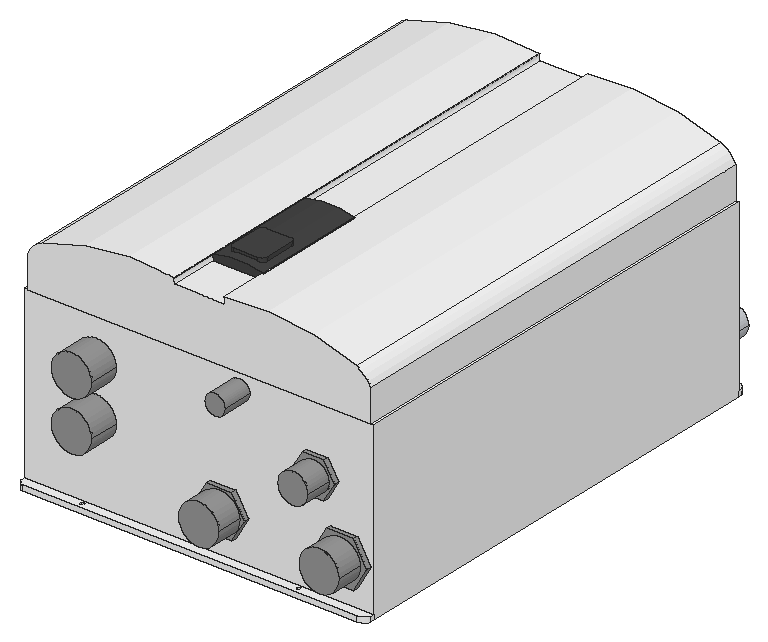
Revit family "Water_Heater-Navien-NHB_Series", category Mechanical Equipment, host Face, Revit 2013
Parameters (values of type "NHB 055")
  Width = 1' - 5"  # constant formula
  Water Pressure = ""
  Voltage = 120 V
  URL = "http://us.navien.com/"
  Recirculation Inlet = 0"
  Propane Gas Supply Pressure = "8.0 in.–13.5 in. WC"  # constant formula
  Product Page URL = "http://us.navien.com/Product/Page1/Details/NHB-55?Category=NHB%20series"
  Product Name = "NHB"
  Product Documentation Link = "http://us.navien.com/__DATA/Product/2014/12/2/Navien%20NHB%20Spec%20Sheet.pdf"
  Power Factor = 1
  Phase = 1
  Operating Weight = 73.00 lbf
  Number of Poles = 1
  Natural Gas Supply Pressure = "3.5 in.–10.5 in. WC"  # constant formula
  Model = "NHB - 055"
  Material = ""
  Manufacturer = "Navien Inc."  # constant formula
  Length = 1' - 0"
  Intake = 0' 3"  # 3"
  Hot Water Outlet = 0' 1"  # 1"
  Height = 2' - 0"  # constant formula
  Heating Capacity = 51000.0 Btu/h
  Gas Inlet = 0' 0 3/4"  # 3/4"
  Frequency = 60 Hz
  Exhaust = 0' 3"  # 3"
  Enclosure = Metal - Navien - White
  Description = "Condensing Gas Boiler (NHB)"  # constant formula
  Default Elevation = 4' - 0"
  Cold Water Inlet = 0' 1"  # 1"
  Apparent Load = 0 VA
Types (5): name | Product Page URL | Operating Weight | Model | Length | Heating Capacity
  (no name) | "http://us.navien.com/Product/Page1/Details/NHB-55?Category=NHB%20series" | 73.00 lbf | "NHB - 055" | 1' - 0" | 51000.0 Btu/h
  NHB 055 | "http://us.navien.com/Product/Page1/Details/NHB-55?Category=NHB%20series" | 73.00 lbf | "NHB - 055" | 1' - 0" | 51000.0 Btu/h
  NHB 080 | "http://us.navien.com/Product/Page1/Details/NHB-80?Category=NHB%20series" | 73.00 lbf | "NHB - 080" | 1' - 0" | 74000.0 Btu/h
  NHB 110 | "http://us.navien.com/Product/Page1/Details/NHB-110?Category=NHB%20series" | 80.00 lbf | "NHB - 110" | 1' - 1" | 102000.0 Btu/h
  NHB 150 | "http://us.navien.com/Product/Page1/Details/NHB-150?Category=NHB%20series" | 80.00 lbf | "NHB - 150" | 1' - 1" | 138000.0 Btu/h
Reference planes (in)
  plane 1 "Center (Front/Back)": y = 0
  plane 2: z = 0
  plane 3 "Center (Left/Right)": x = 0
  plane 4: z = 12.5
  plane 5: z = 0.5
  plane 6: x = 8.65
  plane 7: x = -8.65
  plane 8: x = 2.45
  plane 9: x = -4.15
  plane 10: z = 3.5
  plane 11: z = 3.1
  plane 12: x = 2.45
  plane 13: x = -4.15
  plane 14: z = 3.5
  plane 15: z = 3.1
Lines and regions (in)
  Masking region 1, detail levels coarse
    outline origin (0, 0, 0) x (1, 0, 0) y (0, 0, 1)
      loop
        line (8.65, 12.5) -> (-8.65, 12.5) -> (-8.65, 0.5) -> (8.65, 0.5) -> (8.65, 12.5)
  Masking region 2
    outline origin (0, 0, 0) x (1, 0, 0) y (0, 0, 1)
      loop
        line (8, 0.5) -> (6.5, 0.5) -> (6.5, 0) -> (8, 0) -> (8, 0.5)
      loop
        line (-6.5, 0.5) -> (-8, 0.5) -> (-8, 0) -> (-6.5, 0) -> (-6.5, 0.5)
  Masking region 3
    outline origin (0, 0, 0) x (1, 0, 0) y (0, 0, 1)
      loop
        line (8.65, 0.74736) -> (-8.65, 0.74736) -> (-8.65, 0.5) -> (8.65, 0.5) -> (8.65, 0.74736)
  Masking region 4, detail levels coarse
    outline origin (0, 0, 0) x (1, 0, 0) y (0, 0, 1)
      loop
        line (4.1392, 4.80215) -> (0.7608, 4.80215) -> (0.7608, 1.39785) -> (4.1392, 1.39785) -> (4.1392, 4.80215)
      loop
        line (-2.4608, 5.20215) -> (-5.8392, 5.20215) -> (-5.8392, 1.79785) -> (-2.4608, 1.79785) -> (-2.4608, 5.20215)
  Masking region 5, detail levels medium+fine
    outline origin (0, 0, 0) x (1, 0, 0) y (0, 0, 1)
      loop
        line (4.1392, 4.80215) -> (3.4465, 4.80215)
        arc (3.4465, 4.80215) -> (2.45, 5.07239) -> (1.4535, 4.80215) r 1.97239
        line (1.4535, 4.80215) -> (0.7608, 4.80215) -> (0.7608, 4.1183)
        arc (0.7608, 4.1183) -> (0.47761, 3.1) -> (0.7608, 2.0817) r 1.97239
        line (0.7608, 2.0817) -> (0.7608, 1.39785) -> (1.4535, 1.39785)
        arc (1.4535, 1.39785) -> (2.45, 1.12761) -> (3.4465, 1.39785) r 1.97239
        line (3.4465, 1.39785) -> (4.1392, 1.39785) -> (4.1392, 2.0817)
        arc (4.1392, 2.0817) -> (4.42239, 3.1) -> (4.1392, 4.1183) r 1.97239
        line (4.1392, 4.1183) -> (4.1392, 4.80215)
      loop
        line (-2.4608, 5.20215) -> (-3.1535, 5.20215)
        arc (-3.1535, 5.20215) -> (-4.15, 5.46957) -> (-5.1465, 5.20215) r 1.99034
        line (-5.1465, 5.20215) -> (-5.8392, 5.20215) -> (-5.8392, 4.5183)
        arc (-5.8392, 4.5183) -> (-6.12239, 3.5) -> (-5.8392, 2.4817) r 1.97239
        line (-5.8392, 2.4817) -> (-5.8392, 1.79785) -> (-5.1465, 1.79785)
        arc (-5.1465, 1.79785) -> (-4.15, 1.52761) -> (-3.1535, 1.79785) r 1.97239
        line (-3.1535, 1.79785) -> (-2.4608, 1.79785) -> (-2.4608, 2.4817)
        arc (-2.4608, 2.4817) -> (-2.17761, 3.5) -> (-2.4608, 4.5183) r 1.97239
        line (-2.4608, 4.5183) -> (-2.4608, 5.20215)
  Masking region 6, detail levels medium+fine
    outline origin (0, 0, 0) x (1, 0, 0) y (0, 0, 1)
      loop
        arc (8.5, 10.52009) -> (8.25775, 11.04825) -> (7.79289, 11.39687) r 1.18057
        arc (7.79289, 11.39687) -> (4.77405, 12.2511) -> (1.63714, 12.30589) r 12.18048
        arc (1.63714, 12.30589) -> (1.41953, 12.28058) -> (1.20213, 12.2535) r 26.81513
        arc (1.20213, 12.2535) -> (1.02573, 12.29734) -> (0.84775, 12.3343) r 4.67876
        line (0.84775, 12.3343) -> (0.84775, 12.5) -> (-0.84775, 12.5) -> (-0.84775, 12.33407)
        arc (-0.84775, 12.33407) -> (-1.03563, 12.30062) -> (-1.22119, 12.2561) r 3.21866
        arc (-1.22119, 12.2561) -> (-4.55713, 12.28303) -> (-7.79289, 11.47118) r 13.17473
        arc (-7.79289, 11.47118) -> (-8.22044, 11.19162) -> (-8.5, 10.76407) r 1.24684
        line (-8.5, 10.76407) -> (-8.5, 10.52009) -> (-8.5, 9.16562) -> (8.5, 9.16562) -> (8.5, 10.52009)
  Masking region 7, detail levels medium+fine
    outline origin (0, 0, 0) x (1, 0, 0) y (0, 0, 1)
      loop
        line (8.65, 9.16562) -> (-8.65, 9.16562) -> (-8.65, 0.5) -> (8.65, 0.5) -> (8.65, 9.16562)
  Masking region 8
    outline origin (0, 0, 0) x (1, 0, 0) y (0, 0, 1)
      loop
        line (8.65, 0.74736) -> (-8.65, 0.74736) -> (-8.65, 0.5) -> (8.65, 0.5) -> (8.65, 0.74736)
  Masking region 9, detail levels medium+fine
    outline origin (0, 0, 0) x (1, 0, 0) y (0, 0, 1)
      loop
        line (4.1392, 4.80215) -> (3.4465, 4.80215)
        arc (3.4465, 4.80215) -> (2.45, 5.07239) -> (1.4535, 4.80215) r 1.97239
        line (1.4535, 4.80215) -> (0.7608, 4.80215) -> (0.7608, 4.1183)
        arc (0.7608, 4.1183) -> (0.47761, 3.1) -> (0.7608, 2.0817) r 1.97239
        line (0.7608, 2.0817) -> (0.7608, 1.39785) -> (1.4535, 1.39785)
        arc (1.4535, 1.39785) -> (2.45, 1.12761) -> (3.4465, 1.39785) r 1.97239
        line (3.4465, 1.39785) -> (4.1392, 1.39785) -> (4.1392, 2.0817)
        arc (4.1392, 2.0817) -> (4.42239, 3.1) -> (4.1392, 4.1183) r 1.97239
        line (4.1392, 4.1183) -> (4.1392, 4.80215)
      loop
        line (-2.4608, 5.20215) -> (-3.1535, 5.20215)
        arc (-3.1535, 5.20215) -> (-4.15, 5.46957) -> (-5.1465, 5.20215) r 1.99034
        line (-5.1465, 5.20215) -> (-5.8392, 5.20215) -> (-5.8392, 4.5183)
        arc (-5.8392, 4.5183) -> (-6.12239, 3.5) -> (-5.8392, 2.4817) r 1.97239
        line (-5.8392, 2.4817) -> (-5.8392, 1.79785) -> (-5.1465, 1.79785)
        arc (-5.1465, 1.79785) -> (-4.15, 1.52761) -> (-3.1535, 1.79785) r 1.97239
        line (-3.1535, 1.79785) -> (-2.4608, 1.79785) -> (-2.4608, 2.4817)
        arc (-2.4608, 2.4817) -> (-2.17761, 3.5) -> (-2.4608, 4.5183) r 1.97239
        line (-2.4608, 4.5183) -> (-2.4608, 5.20215)
  Masking region 10
    outline origin (0, 0, 0) x (1, 0, 0) y (0, 0, 1)
      loop
        circle (2.45, 3.1) r 1.34645
      loop
        circle (-4.15, 3.5) r 1.34645
  Masking region 11, detail levels fine
    outline origin (0, 0, 0) x (1, 0, 0) y (0, 0, 1)
      loop
        circle (2.45, 3.1) r 1
      loop
        circle (-4.15, 3.5) r 1
Dimensions and locks (in)
  locked: plane 5 to level at 0.5
  "Length": plane 4 to plane 5
  aligned and locked: plane 2 to host face
  aligned and locked: level to host face
  aligned and locked: plane 3 "Center (Left/Right)" to nested 1
  aligned and locked: nested 1 to level
  aligned and locked: Masking region 1 sketch curve to plane 4
  aligned and locked: plane 5 to Masking region 1 sketch curve
  aligned and locked: Masking region 2 sketch curve to plane 5  (x2)
  aligned and locked: host face to Masking region 2 sketch curve  (x2)
  aligned and locked: plane 6 to nested 1
  aligned and locked: plane 7 to nested 1
  aligned and locked: plane 5 to Masking region 3 sketch curve
  aligned and locked: Masking region 3 sketch curve to plane 6
  aligned and locked: plane 7 to Masking region 3 sketch curve
  aligned and locked: Masking region 4 sketch curve to nested 1  (x8)
  aligned and locked: Masking region 7 sketch curve to plane 6
  aligned and locked: plane 5 to Masking region 7 sketch curve
  aligned and locked: plane 7 to Masking region 7 sketch curve
  aligned and locked: plane 7 to Masking region 8 sketch curve
  aligned and locked: Masking region 8 sketch curve to plane 6
  aligned and locked: plane 5 to Masking region 8 sketch curve
Automatic sketch dimensions
  host sketch curve to host sketch curve = 8' - 0"  (x2)
  Masking region 1 sketch curve to plane 7 = 0' - 0"
  Masking region 1 sketch curve to plane 6 = 0' - 0"
  plane 7 to Masking region 2 sketch curve = 0' - 0.65"
  Masking region 2 sketch curve to Masking region 2 sketch curve = 0' - 1 1/2"
  Masking region 2 sketch curve to plane 6 = 0' - 2.15"
  Masking region 2 sketch curve to plane 6 = 0' - 0.65"
  plane 5 to Masking region 3 sketch curve = 0' - 0.24736"
  Masking region 5 sketch curve to Masking region 5 sketch curve = 0' - 0"  (x20)
  plane 7 to Masking region 5 sketch curve = 0' - 2.8108"
  plane 5 to Masking region 5 sketch curve = 0' - 0.89785"
  Masking region 5 sketch curve to Masking region 5 sketch curve = 0' - 0.6927"  (x8)
  Masking region 5 sketch curve to Masking region 5 sketch curve = 0' - 1.99299"  (x4)
  plane 3 "Center (Left/Right)" to Masking region 5 sketch curve = 0' - 0.7608"  (x2)
  Masking region 5 sketch curve to Masking region 5 sketch curve = 0' - 1.6892"
  Masking region 5 sketch curve to Masking region 5 sketch curve = 0' - 0.9965"
  plane 5 to Masking region 5 sketch curve = 0' - 1.29785"
  Masking region 5 sketch curve to Masking region 5 sketch curve = 0' - 0.68385"  (x6)
  Masking region 5 sketch curve to Masking region 5 sketch curve = 0' - 2.0366"  (x2)
  Masking region 5 sketch curve to Masking region 5 sketch curve = 0' - 0.02077"
  Masking region 7 sketch curve to plane 4 = 0' - 3.33438"
  plane 5 to Masking region 8 sketch curve = 0' - 0.24736"
  Masking region 9 sketch curve to Masking region 9 sketch curve = 0' - 0"  (x20)
  plane 7 to Masking region 9 sketch curve = 0' - 2.8108"
  plane 5 to Masking region 9 sketch curve = 0' - 0.89785"
  Masking region 9 sketch curve to Masking region 9 sketch curve = 0' - 0.6927"  (x8)
  Masking region 9 sketch curve to Masking region 9 sketch curve = 0' - 1.99299"  (x4)
  plane 3 "Center (Left/Right)" to Masking region 9 sketch curve = 0' - 0.7608"  (x2)
  Masking region 9 sketch curve to Masking region 9 sketch curve = 0' - 1.6892"
  Masking region 9 sketch curve to Masking region 9 sketch curve = 0' - 0.9965"
  plane 5 to Masking region 9 sketch curve = 0' - 1.29785"
  Masking region 9 sketch curve to Masking region 9 sketch curve = 0' - 0.68385"  (x6)
  Masking region 9 sketch curve to Masking region 9 sketch curve = 0' - 2.0366"  (x2)
  Masking region 9 sketch curve to Masking region 9 sketch curve = 0' - 0.02077"
  plane 13 to Masking region 11 sketch curve = 0' - 0"
  plane 12 to Masking region 11 sketch curve = 0' - 0"
  Masking region 11 sketch curve to plane 15 = 0' - 0"
  Masking region 11 sketch curve to plane 14 = 0' - 0"
  plane 9 to Masking region 10 sketch curve = 0' - 0"
  plane 8 to Masking region 10 sketch curve = 0' - 0"
  Masking region 10 sketch curve to plane 11 = 0' - 0"
  Masking region 10 sketch curve to plane 10 = 0' - 0"
  Masking region 6 sketch curve to plane 4 = 0' - 0"
  Masking region 6 sketch curve to plane 6 = 0' - 0.15"
  Masking region 6 sketch curve to plane 4 = 0' - 3.33438"
  Masking region 6 sketch curve to plane 4 = 0' - 0.16593"
  Masking region 6 sketch curve to plane 3 "Center (Left/Right)" = 0' - 0.84775"
  Masking region 6 sketch curve to plane 4 = 0' - 0.1657"
  plane 3 "Center (Left/Right)" to Masking region 6 sketch curve = 0' - 0.84775"
  plane 7 to Masking region 6 sketch curve = 0' - 0.15"
  plane 7 to Masking region 6 sketch curve = 0' - 0.85711"
  Masking region 6 sketch curve to Masking region 6 sketch curve = 0' - 0"  (x2)
  Masking region 6 sketch curve to Masking region 6 sketch curve = 0' - 1.16121"  (x2)
  Masking region 6 sketch curve to level = 0' - 0.79872"
  Masking region 6 sketch curve to plane 3 "Center (Left/Right)" = 0' - 2.99465"
  Masking region 6 sketch curve to plane 4 = 0' - 0.2439"
  Masking region 6 sketch curve to Masking region 6 sketch curve = 0' - 0.37344"
  Masking region 6 sketch curve to plane 3 "Center (Left/Right)" = 0' - 0.37778"
  Masking region 6 sketch curve to plane 3 "Center (Left/Right)" = 0' - 0.01439"
  Masking region 6 sketch curve to plane 4 = 0' - 0.2465"
  Masking region 6 sketch curve to Masking region 6 sketch curve = 0' - 0.35438"
  Masking region 6 sketch curve to plane 4 = 0' - 0.19411"
  Masking region 6 sketch curve to Masking region 6 sketch curve = 0' - 0.43501"
  level to Masking region 6 sketch curve = 0' - 0.20128"
  plane 3 "Center (Left/Right)" to Masking region 6 sketch curve = 0' - 2.99465"
  Masking region 6 sketch curve to plane 6 = 0' - 0.85711"
  Masking region 6 sketch curve to Masking region 6 sketch curve = 0' - 0.87678"
  Masking region 6 sketch curve to Masking region 6 sketch curve = 0' - 0.24398"
  radius of Masking region 11 sketch curve = 0' - 1"  (x2)
  radius of Masking region 10 sketch curve = 0' - 1.34645"  (x2)
Nested families (in)
  nested 1: "Navien_NHB_Series_01" at (0, -11.8, 6.5) x (1, 0, 0) z (0, 1, 0), type "Navien_NHB_Series_01"
Connectors (in)
  hvac at (-4.15, 13.41443, 3.5)
    settings: on nested 1, index 1, duct flow 0 CFM, flow factor 0, pres drop 0.00 in-wg, loss coef 0, conn angle 0.00°, conn width 12", conn height 12", conn radius 1", duct sys type 4, conn prof type 0, flow config 0, flow direction 1, loss method 0, conn ref index -1, conn util no, is conn primary yes, conn desc "Air Intake"
  hvac at (2.45, 13.41443, 3.1)
    settings: on nested 1, index 2, duct flow 0 CFM, flow factor 0, pres drop 0.00 in-wg, loss coef 0, conn angle 0.00°, conn width 12", conn height 12", conn radius 1", duct sys type 3, conn prof type 0, flow config 0, flow direction 2, loss method 0, conn ref index -1, conn util no, is conn primary no, conn desc "Exhaust Gas Vent"
  hvac at (7.25, 12.73107, 2.8)
    settings: on nested 1, index 3, duct flow 0 CFM, flow factor 0, pres drop 0.00 in-wg, loss coef 0, conn angle 0.00°, conn width 12", conn height 12", conn radius 3/8", duct sys type 3, conn prof type 0, flow config 0, flow direction 0, loss method 0, conn ref index -1, conn util no, is conn primary no, conn desc "Air Vent Connection"
  piping at (7.15, -12.8, 2.8)
    settings: on nested 1, index 4, connector radius 1/2", flow factor 0, pipe flow 0 GPM, pressure drop 0.00 psi, fitting loss kfactor 0, connector angle 0.00°, fixture units 0, engagement length 0' - 0", flow configuration 0, flow direction 0, fitting loss method 0, system type 19, joint type 0, gender type 0, connector reference index -1, connector utility 0, adjustable connector no, is connector primary yes, fitting loss table "", connector description "Space Heating Supply"
  piping at (1.1676, -12.8, 2.78307)
    settings: on nested 1, index 5, connector radius 1/2", flow factor 0, pipe flow 0 GPM, pressure drop 0.00 psi, fitting loss kfactor 0, connector angle 0.00°, fixture units 0, engagement length 0' - 0", flow configuration 0, flow direction 1, fitting loss method 0, system type 19, joint type 0, gender type 0, connector reference index -1, connector utility 0, adjustable connector no, is connector primary no, fitting loss table "", connector description "Space Heating Return"
  piping at (5.8392, -12.8, 6.01465)
    settings: on nested 1, index 6, connector radius 3/8", flow factor 0, pipe flow 0 GPM, pressure drop 0.00 psi, fitting loss kfactor 0, connector angle 0.00°, fixture units 0, engagement length 0' - 0", flow configuration 0, flow direction 1, fitting loss method 0, system type 22, joint type 0, gender type 0, connector reference index -1, connector utility 0, adjustable connector no, is connector primary no, fitting loss table "", connector description "Gas Connection"
  piping at (1.98204, -12.8, 8.38532)
    settings: on nested 1, index 7, connector radius 1/4", flow factor 0, pipe flow 0 GPM, pressure drop 0.00 psi, fitting loss kfactor 0, connector angle 0.00°, fixture units 0, engagement length 0' - 0", flow configuration 0, flow direction 2, fitting loss method 0, system type 16, joint type 0, gender type 0, connector reference index -1, connector utility 0, adjustable connector no, is connector primary no, fitting loss table "", connector description "Condensate Outlet"
  piping at (-5.15045, -12.8, 7.19711)
    settings: on nested 1, index 8, connector radius 1/2", flow factor 0, pipe flow 0 GPM, pressure drop 0.00 psi, fitting loss kfactor 0, connector angle 0.00°, fixture units 0, engagement length 0' - 0", flow configuration 0, flow direction 1, fitting loss method 0, system type 20, joint type 0, gender type 0, connector reference index -1, connector utility 0, adjustable connector no, is connector primary no, fitting loss table "", connector description "Domestic Cold Water Inlet"
  electrical at (0, 0, 0.5), driven by "Number of Poles", driven by "Voltage", driven by "Power Factor", driven by "Apparent Load"
    settings: on nested 1, index 9, voltage 120 V, apparent load 0 VA, apparent load phase1 0 VA, apparent load phase2 0 VA, apparent load phase3 0 VA, power factor 1, load classification "Other", number of poles 1, system type 31, power factor state 1, is connector primary yes, connector utility no, sub classification motor no, connector description "Power Connector"
Definition of nested family "Navien_NHB_Series_01"
  Parameters (values of type "Navien_NHB_Series_01")
    Width [instance] = 1' - 5.3"
    URL = "\"http://us.navien.com/\""
    Product Page URL = "http://us.navien.com/Product/Page1/Details/NHB-55?Category=NHB%20series"
    Product Name = "NHB - 055"  # constant formula
    Product Documentation Link = "http://us.navien.com/__DATA/Product/2014/12/2/Navien%20NHB%20Spec%20Sheet.pdf"
    Model = "NHB"
    Material = ""
    Manufacturer = "Navien"  # constant formula
    Height = 1' - 11.6"
    Enclosure = Metal - Navien - White
    Description = "Condesning Gas Boiler (NHB)"  # constant formula
    Depth = 1' - 0"
    Default Elevation = 4' - 0"
  Reference planes (in)
    plane 1 "Center (Front/Back)": y = 0
    plane 2: z = 0
    plane 3 "Center (Left/Right)": x = 0
    plane 4: y = 6
    plane 5: y = -6
    plane 6: x = -8.65
    plane 7: x = 8.65
    plane 8: z = 0.5
    plane 9: x = -8.5
    plane 10: x = 8.5
    plane 11: z = 23.356
    plane 12: x = 8.5608
    plane 13: z = 23.6
    plane 14: z = 0.994
    plane 15: x = 8.65
    plane 16: z = 23.1
    plane 17: y = 6.5
    plane 18: z = -1
    plane 19: x = 1.1676
    plane 20: x = 7.1676
  Forms (in)
    Extrusion 1, solid, material "Metal - Navien - White" <- "Enclosure", detail levels medium+fine
      sketch origin (0, 0, 0) x (1, 0, 0) y (0, 1, 0)
        loop
          line (-8.65, 6) -> (-8.65, -2.66562) -> (8.65, -2.66562) -> (8.65, 6) -> (-8.65, 6)
      from 0.5 to 23.1
    Extrusion 2, solid, material "Metal - Navien - White" <- "Enclosure", detail levels medium+fine
      sketch origin (0, 0, 0) x (1, 0, 0) y (0, 1, 0)
        loop
          line (-8.5, -2.66562) -> (-8.5, -4.26407)
          arc (-8.5, -4.26407) -> (-8.22044, -4.69162) -> (-7.79289, -4.97118) r 1.24684
          arc (-7.79289, -4.97118) -> (-4.55713, -5.78303) -> (-1.22119, -5.7561) r 13.17473
          line (-1.22119, -5.7561) -> (-1.26449, -5.74432)
          arc (-1.26449, -5.74432) -> (-1.26538, -5.59705) -> (-1.21435, -5.45891) r 0.41136
          line (-1.21435, -5.45891) -> (1.21579, -5.45891)
          arc (1.21579, -5.45891) -> (1.26522, -5.59273) -> (1.26582, -5.73538) r 0.41004
          line (1.26582, -5.73538) -> (1.20213, -5.7535)
          arc (1.20213, -5.7535) -> (4.54758, -5.78417) -> (7.79289, -4.97118) r 13.17473
          arc (7.79289, -4.97118) -> (8.22044, -4.69162) -> (8.5, -4.26407) r 1.24684
          line (8.5, -4.26407) -> (8.5, -2.66562) -> (-8.5, -2.66562)
      from 0.5 to 23.1
    Extrusion 3, solid, material "Metal - Navien - White" <- "Enclosure", detail levels medium+fine
      sketch origin (-0.0892, 0, -0.7) x (1, 0, 0) y (0, 0, 1)
        loop
          line (-8.5608, 23.8) -> (8.7392, 23.8) -> (8.7392, 24.01868)
          arc (8.7392, 24.01868) -> (8.55703, 24.23223) -> (8.28792, 24.312) r 0.49382
          line (8.28792, 24.312) -> (-8.26748, 24.312)
          arc (-8.26748, 24.312) -> (-8.47489, 24.22609) -> (-8.5608, 24.01868) r 0.29332
          line (-8.5608, 24.01868) -> (-8.5608, 23.8)
        loop
          circle (-5.58298, 24.056) r 0.04032
        loop
          circle (5.10942, 24.056) r 0.08594
      from -6 to -5.75264
    Extrusion 4, solid, material "Metal - Navien - White" <- "Enclosure"
      sketch origin (0, 0, 25.05) x (1, 0, 0) y (0, 0, 1)
        loop
          line (-8.65, -24.55) -> (-8.65, -24.75668)
          arc (-8.65, -24.75668) -> (-8.56409, -24.96409) -> (-8.35668, -25.05) r 0.29332
          line (-8.35668, -25.05) -> (8.22306, -25.05)
          arc (8.22306, -25.05) -> (8.48206, -24.9696) -> (8.65, -24.75668) r 0.45737
          line (8.65, -24.75668) -> (8.65, -24.55) -> (-8.65, -24.55)
        loop
          circle (-5.62758, -24.794) r 0.08492
        loop
          circle (5.10942, -24.794) r 0.08594
      from -5.75264 to -6
    Extrusion 5, solid, material "Metal - Navien - White" <- "Enclosure", detail levels coarse
      sketch origin (0, 0, 0) x (1, 0, 0) y (0, 0, 1)
        loop
          line (-8.65, 23.6) -> (-8.65, 23.1) -> (8.65, 23.1) -> (8.65, 23.6) -> (-8.65, 23.6)
      from -6 to -5.75264
    Extrusion 6, solid, material "Metal - Navien - White" <- "Enclosure", detail levels coarse
      sketch origin (0, 0, 0) x (1, 0, 0) y (0, 0, 1)
        loop
          line (-8.65, 0.5) -> (-8.65, 0) -> (8.65, 0) -> (8.65, 0.5) -> (-8.65, 0.5)
      from -6 to -5.75264
    Extrusion 7, solid, material "Metal - Navien - White" <- "Enclosure", detail levels coarse
      sketch origin (0, 0, 0) x (1, 0, 0) y (0, 1, 0)
        loop
          line (-8.65, 6) -> (-8.65, -6) -> (8.65, -6) -> (8.65, 6) -> (-8.65, 6)
      from 0.5 to 23.1
    Extrusion 8, solid, material "Metal - Navien - Aluminum"
      sketch origin (0, 0, 0) x (-1, 0, 0) y (0, -1, 0)
        loop
          circle (5.15045, -1.80289) r 1
        loop
          circle (5.15045, 0.69711) r 1
      from -1 to 0.5
    Extrusion 9, solid, material "Metal - Navien - Aluminum"
      sketch origin (0, 0, 0) x (-1, 0, 0) y (0, -1, 0)
        loop
          circle (-7.15, -3.7) r 1
        loop
          circle (-1.1676, -3.71693) r 1
      from 0.5 to -1
    Extrusion 10, solid, material "Metal - Navien - Aluminum"
      sketch origin (0, 0, 0) x (-1, 0, 0) y (0, -1, 0)
        loop
          line (-5.8392, -3.71693) -> (-6.5034, -2.5665) -> (-7.8318, -2.5665) -> (-8.496, -3.71693) -> (-7.8318, -4.86736) -> (-6.5034, -4.86736) -> (-5.8392, -3.71693)
        loop
          line (-0.5426, -4.79946) -> (0.0824, -3.71693) -> (-0.5426, -2.6344) -> (-1.7926, -2.6344) -> (-2.4176, -3.71693) -> (-1.7926, -4.79946) -> (-0.5426, -4.79946)
      from 0.25645 to 0.5
    Extrusion 11, solid, material "Metal - Navien - Aluminum"
      sketch origin (0, 0, 0) x (-1, 0, 0) y (0, -1, 0)
        loop
          circle (-5.8392, -0.48535) r 0.75
      from -1 to 0.5
    Extrusion 12, solid, material "Metal - Navien - Aluminum"
      sketch origin (0, 0, 0) x (-1, 0, 0) y (0, -1, 0)
        loop
          line (-6.3679, 0.41574) -> (-6.8966, -0.5) -> (-6.3679, -1.41574) -> (-5.31049, -1.41574) -> (-4.78179, -0.5) -> (-5.31049, 0.41574) -> (-6.3679, 0.41574)
      from 0.25645 to 0.5
    Extrusion 13, solid, material "Metal - Navien - Aluminum"
      sketch origin (0, 0, 0) x (-1, 0, 0) y (0, -1, 0)
        loop
          circle (-1.98204, 1.88532) r 0.5
      from -1 to 0.5
    Extrusion 14, solid
      sketch origin (0, 0, 0) x (1, 0, 0) y (0, 0, 1)
        loop
          line (-8, 20.02358) -> (-8, 3.57642) -> (-6.5, 3.57642) -> (-6.5, 20.02358) -> (-8, 20.02358)
        loop
          line (6.5, 3.57642) -> (8, 3.57642) -> (8, 20.02358) -> (6.5, 20.02358) -> (6.5, 3.57642)
      from -6.5 to -6
    Extrusion 15, solid, material "Plastic - Navien - Black", detail levels medium+fine
      sketch origin (0, 0, 0) x (1, 0, 0) y (0, 1, 0)
        loop
          arc (-1.26449, -5.74432) -> (0.0012, -5.91439) -> (1.26573, -5.73589) r 4.67876
          arc (1.26573, -5.73589) -> (1.26527, -5.59298) -> (1.21579, -5.45891) r 0.41004
          line (1.21579, -5.45891) -> (-1.21435, -5.45891)
          arc (-1.21435, -5.45891) -> (-1.26538, -5.59705) -> (-1.26449, -5.74432) r 0.41136
      from 2.87141 to 8.56824
    Extrusion 16, solid, material "Plastic - Navien - Black", detail levels medium+fine
      sketch origin (0, 0, 0) x (1, 0, 0) y (0, 0, 1)
        loop
          line (-0.84775, 5.15946) -> (-0.84775, 3.64312)
          arc (-0.84775, 3.64312) -> (-0.77453, 3.46634) -> (-0.59775, 3.39312) r 0.25
          line (-0.59775, 3.39312) -> (0.59775, 3.39312)
          arc (0.59775, 3.39312) -> (0.77453, 3.46634) -> (0.84775, 3.64312) r 0.25
          line (0.84775, 3.64312) -> (0.84775, 5.15946)
          arc (0.84775, 5.15946) -> (0.77453, 5.33624) -> (0.59775, 5.40946) r 0.25
          line (0.59775, 5.40946) -> (-0.59775, 5.40946)
          arc (-0.59775, 5.40946) -> (-0.77453, 5.33624) -> (-0.84775, 5.15946) r 0.25
      from 5.83407 to 6
  Dimensions and locks (in)
    plane 6 to plane 3 "Center (Left/Right)" to plane 7 = 0' - 8.65" locked, 0' - 8.65" locked
    locked: plane 6 to nested 1 at 4.5
    locked: nested 1 to nested 2 at 6.6
    locked: nested 2 to plane 4 at 2.6
    locked: plane 6 to nested 3 at 15.9
    locked: nested 3 to plane 4 at 2.3
    Extrusion 3 sketch curve to plane 11 to Extrusion 2 = 0' - 0.256", 0' - 0.256"
    locked: Extrusion 3 sketch curve to Extrusion 3 sketch curve at 0.256  (x2)
    Extrusion 3 sketch curve to Extrusion 2 = 0' - 0.17006"
    Extrusion 3 sketch curve to Extrusion 3 sketch curve = 0' - 3.54384"
    Extrusion 3 sketch curve to Extrusion 2 = 0' - 0.21568"
    locked: Extrusion 3 sketch curve to Extrusion 3 sketch curve at 2.9375
    locked: Extrusion 2 sketch curve to Extrusion 1 at 3.21039  (x2)
    locked: Extrusion 2 sketch curve to plane 10 at 5.50535
    locked: Extrusion 1 to Extrusion 2 sketch curve at 9.96434
    locked: Extrusion 2 sketch curve to Extrusion 2 sketch curve at 5.50535
    locked: plane 6 to plane 9 at 0.15
    locked: plane 10 to plane 7 at 0.15
    locked: Extrusion 3 to Extrusion 3 at 0.24736
    "Height": plane 13 to level
    Extrusion 4 sketch curve to plane 14 = 0' - 0.994"
    locked: Extrusion 4 sketch curve to Extrusion 4 sketch curve at 0.256  (x2)
    Extrusion 4 sketch curve to Extrusion 4 sketch curve = 0' - 3.45464"
    locked: Extrusion 4 sketch curve to Extrusion 4 sketch curve at 2.9375
    locked: plane 13 to plane 16 at 0.5
    locked: plane 8 to level at 0.5
    plane 17 to Extrusion 1 = 0' - 0 1/2"
    locked: level to plane 18 at 1
    "Depth": plane 4 to plane 5
    plane 7 to plane 6 = 1' - 5.3"
    equal spacing: plane 4, plane 1 "Center (Front/Back)", plane 5
    plane 17 to plane 4 = 0' - 0 1/2"
    locked: Extrusion 4 to Extrusion 4 at 0.24736
    locked: nested 1 to plane 4 at 3
    plane 4 to Extrusion 5 = 0' - 0.24736"
    locked: plane 4 to Extrusion 5 at 0.24736
    locked: plane 4 to Extrusion 6 at 0.24736
    locked: plane 4 to Extrusion 9 sketch curve at 1.3
    locked: plane 4 to Extrusion 10 at 1.20054
    locked: plane 4 to Extrusion 9 sketch curve at 2.3
    locked: plane 4 to Extrusion 9 sketch curve at 2.28307
    locked: Extrusion 9 sketch curve to plane 7 at 0.5
    locked: Extrusion 9 sketch curve to plane 7 at 6.4824
    locked: Extrusion 11 sketch curve to plane 7 at 2.8108
    locked: plane 4 to Extrusion 11 sketch curve at 4.76465
    locked: plane 4 to Extrusion 11 sketch curve at 5.51465
    locked: plane 4 to Extrusion 13 sketch curve at 7.38532
    locked: Extrusion 13 sketch curve to plane 7 at 6.16796
    locked: Extrusion 13 sketch curve to plane 7 at 6.66796
    locked: plane 4 to Extrusion 8 sketch curve at 3.19711
    locked: plane 6 to Extrusion 8 sketch curve at 2.49955  (x2)
    locked: plane 6 to Extrusion 8 sketch curve at 3.49955  (x2)
    locked: plane 4 to Extrusion 8 sketch curve at 5.69711
    Extrusion 12 sketch curve to Extrusion 12 sketch curve to plane 7 = 0' - 2.11481" locked, 0' - 1.7534" locked
    plane 4 to Extrusion 10 sketch curve to Extrusion 10 sketch curve to Extrusion 10 sketch curve to Extrusion 10 sketch curve = 0' - 1.13264" locked, 0' - 1.15043" locked, 0' - 0" locked, 0' - 1.15043" locked
    plane 4 to Extrusion 12 sketch curve to Extrusion 12 sketch curve to Extrusion 12 sketch curve to Extrusion 12 sketch curve = 0' - 4.58426" locked, 0' - 0.91574" locked, 0' - 0" locked, 0' - 0.91574" locked
    aligned and locked: plane 2 to level
    aligned and locked: Extrusion 1 to plane 8
    aligned and locked: Extrusion 1 to plane 6
    aligned and locked: plane 7 to Extrusion 1
    aligned and locked: Extrusion 2 to nested 1
    aligned and locked: Extrusion 2 to plane 10
    aligned and locked: plane 9 to Extrusion 2
    aligned and locked: Extrusion 2 sketch curve to Extrusion 1
    aligned and locked: Extrusion 2 to plane 8
    aligned and locked: Extrusion 1 to Extrusion 2
    aligned and locked: plane 8 to Extrusion 4
    aligned and locked: Extrusion 4 to level
    aligned and locked: plane 16 to Extrusion 3
    aligned and locked: Extrusion 1 to nested 1
    aligned and locked: Extrusion 3 to plane 6
    aligned and locked: plane 4 to Extrusion 4
    aligned and locked: plane 6 to Extrusion 5 sketch curve
    aligned and locked: Extrusion 5 sketch curve to plane 7
    aligned and locked: plane 13 to Extrusion 5 sketch curve
    aligned and locked: Extrusion 5 sketch curve to plane 16
    aligned and locked: plane 4 to Extrusion 5
    aligned and locked: plane 4 to Extrusion 1
    aligned and locked: Extrusion 3 to plane 4
    aligned and locked: Extrusion 6 sketch curve to plane 8
    aligned and locked: level to Extrusion 6 sketch curve
    aligned and locked: plane 6 to Extrusion 6 sketch curve
    aligned and locked: Extrusion 6 sketch curve to plane 7
    aligned and locked: plane 4 to Extrusion 6
    aligned and locked: plane 6 to Extrusion 7 sketch curve
    aligned and locked: Extrusion 7 sketch curve to plane 7
    aligned and locked: plane 5 to Extrusion 7 sketch curve
    aligned and locked: plane 4 to Extrusion 7
    aligned and locked: Extrusion 7 to plane 16
    aligned and locked: Extrusion 7 to plane 8
    aligned and locked: Extrusion 12 to Extrusion 10
    aligned and locked: Extrusion 13 to Extrusion 8
    aligned and locked: Extrusion 9 to Extrusion 8
    aligned and locked: Extrusion 11 to Extrusion 8
    aligned and locked: plane 17 to Extrusion 14
    aligned and locked: Extrusion 14 to plane 4
    aligned and locked: plane 7 to Extrusion 3
  Automatic sketch dimensions
    Extrusion 1 sketch curve to plane 6 = 0' - 0"
    Extrusion 1 sketch curve to plane 4 = 0' - 0"
    Extrusion 1 sketch curve to plane 7 = 0' - 0"
    plane 1 "Center (Front/Back)" to Extrusion 1 sketch curve = 0' - 2.66562"
    Extrusion 3 sketch curve to plane 6 = 0' - 0"
    Extrusion 3 sketch curve to plane 12 = 0' - 0.0892"
    Extrusion 3 sketch curve to plane 16 = 0' - 0"
    Extrusion 3 sketch curve to plane 9 = 0' - 0.14332"
    plane 10 to Extrusion 3 sketch curve = 0' - 0.30128"
    Extrusion 3 sketch curve to plane 11 = 0' - 0.03732"
    Extrusion 4 sketch curve to plane 6 = 0' - 0"
    Extrusion 4 sketch curve to plane 7 = 0' - 0"
    Extrusion 4 sketch curve to plane 8 = 0' - 0"
    plane 9 to Extrusion 4 sketch curve = 0' - 0.14332"
    Extrusion 4 sketch curve to plane 10 = 0' - 0.27694"
    Extrusion 4 sketch curve to Extrusion 4 sketch curve = 0' - 2.7291"
    Extrusion 4 sketch curve to Extrusion 4 sketch curve = 0' - 3.11364"
    Extrusion 4 sketch curve to Extrusion 4 sketch curve = 0' - 0.20668"
    Extrusion 7 sketch curve to plane 4 = 0' - 0"
    plane 3 "Center (Left/Right)" to Extrusion 9 sketch curve = 0' - 1.1676"
    plane 10 to Extrusion 10 sketch curve = 0' - 0.004"
    plane 3 "Center (Left/Right)" to Extrusion 10 sketch curve = 0' - 0.5426"  (x2)
    Extrusion 10 sketch curve to plane 4 = 0' - 1.20054"
    Extrusion 10 sketch curve to plane 20 = 0' - 0.6642"  (x2)
    plane 20 to Extrusion 10 sketch curve = 0' - 0.6642"  (x2)
    plane 20 to Extrusion 10 sketch curve = 0' - 1.3284"
    Extrusion 10 sketch curve to plane 19 = 0' - 1 1/4"
    Extrusion 10 sketch curve to plane 19 = 0' - 0 5/8"  (x2)
    Extrusion 10 sketch curve to plane 3 "Center (Left/Right)" = 0' - 0.0824"
    Extrusion 10 sketch curve to Extrusion 10 sketch curve = 0' - 1.08253"  (x3)
    plane 10 to Extrusion 12 sketch curve = 0' - 2.1321"
    Extrusion 12 sketch curve to Extrusion 12 sketch curve = 0' - 0.5287"  (x2)
    Extrusion 12 sketch curve to Extrusion 12 sketch curve = 0' - 1.05741"
    Extrusion 14 sketch curve to plane 9 = 0' - 0 1/2"
    plane 8 to Extrusion 14 sketch curve = 0' - 3.07642"  (x2)
    Extrusion 14 sketch curve to Extrusion 14 sketch curve = 0' - 1 1/2"
    plane 10 to Extrusion 14 sketch curve = 0' - 2"
    plane 10 to Extrusion 14 sketch curve = 0' - 0 1/2"
    plane 16 to Extrusion 14 sketch curve = 0' - 3.07642"  (x2)
    Extrusion 15 sketch curve to plane 3 "Center (Left/Right)" = 0' - 0.01439"
    plane 5 to Extrusion 15 sketch curve = 0' - 0.33176"
    Extrusion 15 sketch curve to plane 3 "Center (Left/Right)" = 0' - 0.86023"
    Extrusion 15 sketch curve to Extrusion 15 sketch curve = 0' - 0.35412"
    plane 5 to Extrusion 15 sketch curve = 0' - 0.25568"
    Extrusion 15 sketch curve to Extrusion 15 sketch curve = 0' - 0.05014"
    plane 5 to Extrusion 15 sketch curve = 0' - 0.33425"
    Extrusion 15 sketch curve to Extrusion 15 sketch curve = 0' - 0.35405"
    plane 5 to Extrusion 15 sketch curve = 0' - 0.26411"
    plane 1 "Center (Front/Back)" to Extrusion 15 sketch curve = 0' - 1.23565"
    Extrusion 16 sketch curve to plane 3 "Center (Left/Right)" = 0' - 0.84775"
    Extrusion 16 sketch curve to plane 3 "Center (Left/Right)" = 0' - 0.59775"
    plane 8 to Extrusion 16 sketch curve = 0' - 2.89312"
    plane 3 "Center (Left/Right)" to Extrusion 16 sketch curve = 0' - 0.59775"
    Extrusion 16 sketch curve to Extrusion 16 sketch curve = 0' - 0 1/4"  (x2)
    Extrusion 16 sketch curve to Extrusion 16 sketch curve = 0' - 1.51634"
    Extrusion 16 sketch curve to Extrusion 16 sketch curve = 0' - 0"
    Extrusion 2 sketch curve to plane 9 = 0' - 0"
    Extrusion 2 sketch curve to plane 10 = 0' - 0"
    plane 5 to Extrusion 2 sketch curve = 0' - 0.2439"
    plane 5 to Extrusion 2 sketch curve = 0' - 0.25568"
    Extrusion 2 sketch curve to plane 3 "Center (Left/Right)" = 0' - 1.26449"
    Extrusion 2 sketch curve to Extrusion 2 sketch curve = 0' - 0.0433"
    Extrusion 2 sketch curve to Extrusion 2 sketch curve = 0' - 0.05014"
    plane 5 to Extrusion 2 sketch curve = 0' - 0.54109"
    plane 3 "Center (Left/Right)" to Extrusion 2 sketch curve = 0' - 1.21579"
    Extrusion 2 sketch curve to plane 9 = 0' - 0.70711"
    Extrusion 2 sketch curve to Extrusion 2 sketch curve = 0' - 0"  (x2)
    Extrusion 2 sketch curve to Extrusion 2 sketch curve = 0' - 1.16121"
    plane 5 to Extrusion 2 sketch curve = 0' - 0.33176"
    Extrusion 2 sketch curve to Extrusion 2 sketch curve = 0' - 0.35405"
    plane 5 to Extrusion 2 sketch curve = 0' - 0.2465"
    Extrusion 2 sketch curve to Extrusion 2 sketch curve = 0' - 0.06369"
    plane 5 to Extrusion 2 sketch curve = 0' - 0.26462"
    plane 10 to Extrusion 2 sketch curve = 0' - 1.16121"
    plane 10 to Extrusion 2 sketch curve = 0' - 0.70711"
  Nested families (in)
    nested 1: "Intake_AIRExhaust_01" at (-4.15, 3, 23.1), type "Intake_AIRExhaust_01"
    nested 2: "Intake_AIRExhaust_01" at (2.45, 3.4, 23.1), type "Intake_AIRExhaust_01"
    nested 3: "Navien_Air_Vent_Connection_01" at (7.25, 3.7, 23.1), type "Navien_Air_Vent_Connection_01"
  Definition of nested family "Intake_AIRExhaust_01"
    Parameters (values of type "Intake_AIRExhaust_01")
      Material = Metal - Navien - Aluminum
    Reference planes (in)
      plane 1 "Center (Front/Back)": y = 0
      plane 2: z = 0
      plane 3 "Center (Left/Right)": x = 0
      plane 4: y = 3
      plane 5: z = -28.8
      plane 6: z = 1.43851
      plane 7: y = -1.70215
      plane 8: y = 1.70215
      plane 9: x = -1.6892
      plane 10: x = 1.6892
      plane 11: z = 0.34785
      plane 12: x = -1.46602
      plane 13: x = 1.46602
      plane 14: y = -1.45577
      plane 15: y = 1.45577
      plane 16: z = 2.18613
    Forms (in)
      Extrusion 1, solid, material "Metal - Navien - Aluminum" <- "Material", detail levels fine
        sketch origin (0, 0, 0) x (1, 0, 0) y (0, 1, 0)
          loop
            arc (0.9965, 1.70215) -> (0.51624, 1.90363) -> (0, 1.97239) r 1.97239
            arc (0, 1.97239) -> (-0.51624, 1.90363) -> (-0.9965, 1.70215) r 1.97239
            line (-0.9965, 1.70215) -> (-1.43788, 1.70215)
            arc (-1.43788, 1.70215) -> (-1.60414, 1.64015) -> (-1.6892, 1.48443) r 0.25391
            line (-1.6892, 1.48443) -> (-1.6892, 1.0183)
            arc (-1.6892, 1.0183) -> (-1.90027, 0.52847) -> (-1.97239, 0) r 1.97239
            arc (-1.97239, 0) -> (-1.90027, -0.52847) -> (-1.6892, -1.0183) r 1.97239
            line (-1.6892, -1.0183) -> (-1.6892, -1.48443)
            arc (-1.6892, -1.48443) -> (-1.60414, -1.64015) -> (-1.43788, -1.70215) r 0.25391
            line (-1.43788, -1.70215) -> (-0.9965, -1.70215)
            arc (-0.9965, -1.70215) -> (-0.51624, -1.90363) -> (0, -1.97239) r 1.97239
            arc (0, -1.97239) -> (0.51624, -1.90363) -> (0.9965, -1.70215) r 1.97239
            line (0.9965, -1.70215) -> (1.43788, -1.70215)
            arc (1.43788, -1.70215) -> (1.60414, -1.64015) -> (1.6892, -1.48443) r 0.25391
            line (1.6892, -1.48443) -> (1.6892, -1.0183)
            arc (1.6892, -1.0183) -> (1.90027, -0.52847) -> (1.97239, 0) r 1.97239
            arc (1.97239, 0) -> (1.90027, 0.52847) -> (1.6892, 1.0183) r 1.97239
            line (1.6892, 1.0183) -> (1.6892, 1.48443)
            arc (1.6892, 1.48443) -> (1.60414, 1.64015) -> (1.43788, 1.70215) r 0.25391
            line (1.43788, 1.70215) -> (0.9965, 1.70215)
        from 0 to 0.34785
      Extrusion 2, solid, material "Metal - Navien - Aluminum" <- "Material", detail levels medium+fine
        sketch origin (0, 0, 0) x (1, 0, 0) y (0, 0, 1)
          loop
            line (-1.25, 1.43851) -> (-1.57327, 1.43851) -> (-1.97024, 0.34785) -> (-1.25, 0.34785) -> (-1.25, 1.43851)
        from -0.0824 to 0.06448
      Extrusion 3, solid, material "Metal - Navien - Aluminum" <- "Material", detail levels medium+fine
        sketch origin (0, 0, 0) x (-1, 0, 0) y (0, 0, -1)
          loop
            line (-1.25, -1.43851) -> (-1.25, -0.34785) -> (-1.97024, -0.34785) -> (-1.57327, -1.43851) -> (-1.25, -1.43851)
        from -0.0824 to 0.06448
      Extrusion 4, solid, material "Metal - Navien - Aluminum" <- "Material", detail levels medium+fine
        sketch origin (-0.01835, 0.01025, 0) x (0, 1, 0) y (0, 0, 1)
          loop
            line (-1.21602, 1.43851) -> (-1.58098, 1.43851) -> (-1.97795, 0.34785) -> (-1.21602, 0.34785) -> (-1.21602, 1.43851)
        from -0.06791 to 0.09876
      Extrusion 5, solid, material "Metal - Navien - Aluminum" <- "Material", detail levels medium+fine
        sketch origin (-0.01835, -0.01025, 0) x (0, -1, 0) y (0, 0, -1)
          loop
            line (-1.30448, -1.43851) -> (-1.30448, -0.34785) -> (-1.97795, -0.34785) -> (-1.58098, -1.43851) -> (-1.30448, -1.43851)
        from -0.06791 to 0.09876
      Extrusion 6, solid, material "Metal - Navien - Aluminum" <- "Material", detail levels fine
        sketch origin (0, 0, 0) x (1, 0, 0) y (0, 1, 0)
          loop
            circle (0, 0) r 1.34645
          loop
            circle (0, 0) r 1.25
        from 0.17664 to 2.00363
      Extrusion 7, solid, material "Metal - Navien - Aluminum" <- "Material", detail levels fine
        sketch origin (0, 0, 0) x (1, 0, 0) y (0, 1, 0)
          loop
            circle (0, 0) r 1.5792
          loop
            circle (0, 0) r 1.34645
        from 1.32635 to 1.4562
      Extrusion 8, void, detail levels fine
        sketch origin (0, 0, 0) x (1, 0, 0) y (0, 1, 0)
          loop
            circle (0, 0) r 1.25
        from 0 to 1.32635
      Extrusion 9, solid, material "Metal - Navien - Aluminum" <- "Material", detail levels fine
        sketch origin (0, 0, 0) x (1, 0, 0) y (0, 1, 0)
          loop
            circle (0, 0) r 1.34645
          loop
            circle (0, 0) r 1.25
        from 2.00363 to 2.11443
      Extrusion 10, solid, material "Metal - Navien - Aluminum" <- "Material", detail levels coarse+medium
        sketch origin (0, 0, 0) x (1, 0, 0) y (0, 1, 0)
          loop
            line (-1.6892, 1.70215) -> (-1.6892, -1.70215) -> (1.6892, -1.70215) -> (1.6892, 1.70215) -> (-1.6892, 1.70215)
        from 0 to 0.34785
      Extrusion 11, solid, material "Metal - Navien - Aluminum" <- "Material", detail levels medium
        sketch origin (0, 0, 0) x (1, 0, 0) y (0, 1, 0)
          loop
            circle (0, 0) r 1.97239
        from 0 to 0.34785
      Extrusion 12, solid, material "Metal - Navien - Aluminum" <- "Material", detail levels coarse+medium
        sketch origin (0, 0, 0) x (1, 0, 0) y (0, 1, 0)
          loop
            circle (0, 0) r 1.34645
        from 0.34785 to 2.18613
    Cuts and joins
      Extrusion 8 cuts Extrusion 1
      Extrusion 8 cuts Extrusion 6
    Dimensions and locks (in)
      plane 4 to plane 1 "Center (Front/Back)" = 0' - 3"
      plane 5 to plane 2 = 2' - 4.8"
      aligned and locked: plane 2 to level
      aligned and locked: Extrusion 10 sketch curve to plane 9
      aligned and locked: plane 10 to Extrusion 10 sketch curve
      aligned and locked: Extrusion 10 sketch curve to plane 8
      aligned and locked: plane 7 to Extrusion 10 sketch curve
      aligned and locked: Extrusion 10 to plane 11
      aligned and locked: Extrusion 10 to level
      aligned and locked: Extrusion 11 to plane 11
      aligned and locked: Extrusion 11 to level
      aligned and locked: plane 11 to Extrusion 12
      aligned and locked: plane 16 to Extrusion 12
  Definition of nested family "Navien_Air_Vent_Connection_01"
    Reference planes (in)
      plane 1 "Center (Front/Back)": y = 0
      plane 2: z = 0
      plane 3 "Center (Left/Right)": x = 0
    Forms (in)
      Extrusion 1, solid, detail levels medium
        sketch origin (0, 0, 0) x (1, 0, 0) y (0, 1, 0)
          loop
            circle (0, 0) r 0.75
        from 0.46799 to 1.43107
      Extrusion 2, solid, detail levels medium+fine
        sketch origin (0, 0, 0) x (1, 0, 0) y (0, 1, 0)
          loop
            line (-1.17645, 0) -> (-0.58822, -1.01883) -> (0.58822, -1.01883) -> (1.17645, 0) -> (0.58822, 1.01883) -> (-0.58822, 1.01883) -> (-1.17645, 0)
        from 0 to 0.22745
      Extrusion 3, solid, detail levels coarse
        sketch origin (0, 0, 0) x (1, 0, 0) y (0, 1, 0)
          loop
            line (-1.17421, 1.01883) -> (-1.17421, -1.02359) -> (1.16178, -1.02359) -> (1.16178, 1.01883) -> (-1.17421, 1.01883)
        from 0 to 0.22745
      Extrusion 4, solid, detail levels medium
        sketch origin (0, 0, 0) x (1, 0, 0) y (0, 1, 0)
          loop
            circle (0, 0) r 0.75
        from 0.46799 to 1.43107
      Extrusion 5, solid, detail levels medium+fine
        sketch origin (0, 0, 0) x (1, 0, 0) y (0, 1, 0)
          loop
            circle (0, 0) r 0.6891
        from 0.22745 to 0.46799
      Extrusion 6, solid, detail levels coarse
        sketch origin (0, 0, 0) x (1, 0, 0) y (0, 1, 0)
          loop
            circle (0, 0) r 0.75
        from 0.22745 to 1.43107
      Extrusion 7, solid, detail levels fine
        sketch origin (0, 0, 0) x (1, 0, 0) y (0, 1, 0)
          loop
            circle (0, 0) r 0.75
          loop
            circle (0, 0) r 0.62345
        from 0.46799 to 1.43107
    Dimensions and locks (in)
      radius of Extrusion 1 sketch curve = 0' - 0 3/4"
      aligned and locked: plane 2 to level
      aligned and locked: Extrusion 2 to level
